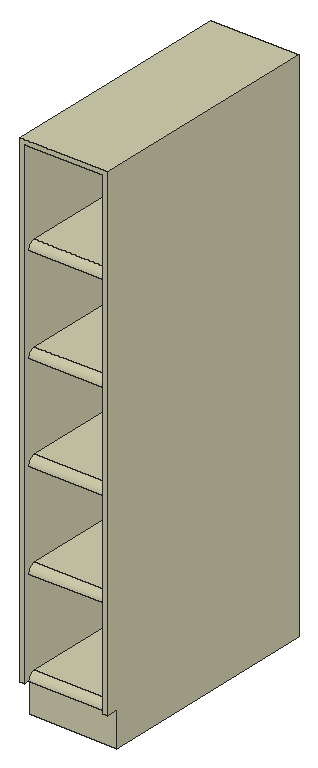
Revit family "Wenger Cabinet 24", category Furniture, Revit 2011
Parameters (values of type "Standard Cabinet #24")
  URL = "http://www.wengercorp.com/Home/Contact.html"
  Toekick Material [instance] = none
  RH End Panel [instance] = no
  Model = "24"
  Manufacturer = "Wenger Corporation"
  LH End Panel [instance] = no
  End Panel Material [instance] = none
  Edge Banding Material [instance] = none
  Door Material [instance] = none
  Description = "Standard Cabinet #24"
  Cabinet Width = 1' - 2 3/8"
  Cabinet Label = Labels : Standard
  Cabinet Height = 7' - 1 5/8"
  Cabinet Depth = 3' - 3 1/4"
  Cabinet Back Thickness = 0' - 0 3/4"
  Assembly Code = ""
Types (4): name | Model | Description | Cabinet Width | Cabinet Label | Cabinet Depth | Cabinet Back Thickness
  Standard Cabinet #24 | "24" | "Standard Cabinet #24" | 1' - 2 3/8" | Labels : Standard | 3' - 3 1/4" | 0' - 0 3/4"
  Acoustic Cabinet #24 | "24A" | "Acoustic Cabinet #24" | 1' - 2 3/8" | Labels : Acoustic | 3' - 5 3/4" | 0' - 3 1/4"
  Narrow Acoustic Cabinet #24 | "24NA" | "Narrow Acoustic Cabinet #24" | 0' - 11 3/8" | Labels : Narrow Acoustic | 3' - 5 3/4" | 0' - 3 1/4"
  Narrow Cabinet #24 | "24N" | "Narrow Cabinet #24" | 0' - 11 3/8" | Labels : Narrow | 3' - 3 1/4" | 0' - 0 3/4"
Reference planes (in)
  plane 1 "Front": y = 0
  plane 2: z = 0
  plane 3 "Left": x = 0
  plane 4 "Right": x = 14.375
  plane 5 "Back": y = 39.25
  plane 6 "Top": z = 85.625
  plane 7: z = 5.625
  plane 8: z = 21.475
  plane 9: z = 37.325
  plane 10: z = 53.175
  plane 11: z = 69.025
  plane 12: x = 0.75
  plane 13: x = 13.625
  plane 14: z = 84.875
  plane 15: x = 4.54167
  plane 16: x = 5.29167
  plane 17: x = 9.08333
  plane 18: x = 9.83333
  plane 19: y = 38.5
  plane 20: y = 2
  plane 21: y = 0.75
  plane 22: z = 22.6
  plane 23: z = 38.45
  plane 24: z = 54.3
  plane 25: z = 70.15
  plane 26: z = 6.75
Forms (in)
  Extrusion 1, solid, material "Wenger - Oyster"
    sketch origin (0, 0, 0) x (0, 1, 0) y (0, 0, 1)
      loop
        line (0, 85.625) -> (0, 5.625) -> (2, 5.625) -> (2, 0) -> (39.25, 0) -> (39.25, 85.625) -> (0, 85.625)
    from 0 to 14.375
  Extrusion 2, void
    sketch origin (0, 0, 0) x (0, 1, 0) y (0, 0, 1)
      loop
        line (-5.5, 84.875) -> (-5.5, 5.625) -> (0.75, 5.625)
        arc (0.75, 5.625) -> (1.18296, 6.40088) -> (2, 6.75) r 1.375
        line (2, 6.75) -> (38.5, 6.75) -> (38.5, 21.475) -> (0.75, 21.475)
        arc (0.75, 21.475) -> (1.18296, 22.25088) -> (2, 22.6) r 1.375
        line (2, 22.6) -> (38.5, 22.6) -> (38.5, 37.325) -> (0.75, 37.325)
        arc (0.75, 37.325) -> (1.18296, 38.10088) -> (2, 38.45) r 1.375
        line (2, 38.45) -> (38.5, 38.45) -> (38.5, 53.175) -> (0.75, 53.175)
        arc (0.75, 53.175) -> (1.18296, 53.95088) -> (2, 54.3) r 1.375
        line (2, 54.3) -> (38.5, 54.3) -> (38.5, 69.025) -> (0.75, 69.025)
        arc (0.75, 69.025) -> (1.18296, 69.80088) -> (2, 70.15) r 1.375
        line (2, 70.15) -> (38.5, 70.15) -> (38.5, 84.875) -> (-5.5, 84.875)
    from 0.75 to 13.625
Cuts and joins
  Extrusion 2 cuts Extrusion 1
Lines and regions (in)
  symbolic lines
    curve 1: line (0, 39.25, 0) -> (14.375, 39.25, 0)
    curve 2: line (0, 0, 0) -> (0, 39.25, 0)
    curve 3: line (14.375, 0, 0) -> (0, 0, 0)
    curve 4: line (14.375, 39.25, 0) -> (14.375, 0, 0)
Text (in)
  text "01" at (13.28235, 0, 97.09414), in view "Front"
Dimensions and locks (in)
  locked: plane 3 "Left" to plane 12 at 0.75
  locked: plane 15 to plane 16 at 0.75
  locked: plane 17 to plane 18 at 0.75
  locked: plane 13 to plane 4 "Right" at 0.75
  "Cabinet Back Thickness": plane 5 "Back" to plane 19
  locked: plane 1 "Front" to plane 21 at 0.75
  locked: plane 1 "Front" to plane 20 at 2
  locked: plane 22 to plane 8 at 1.125
  locked: plane 23 to plane 9 at 1.125
  locked: plane 24 to plane 10 at 1.125
  locked: plane 25 to plane 11 at 1.125
  locked: plane 6 "Top" to plane 14 at 0.75
  equal spacing: plane 14, plane 11, plane 10, plane 9, plane 8, plane 7
  locked: plane 26 to plane 7 at 1.125
  equal spacing: plane 13, plane 17, plane 15, plane 3 "Left"
  "Cabinet Width": plane 3 "Left" to plane 4 "Right"
  locked: plane 7 to level at 5.625
  "Cabinet Height": plane 6 "Top" to level
  "Cabinet Depth": plane 1 "Front" to plane 5 "Back"
  plane 12 to plane 13 = 1' - 0 7/8"
  plane 14 to plane 7 = 6' - 7 1/4"
  aligned and locked: Extrusion 1 sketch curve to plane 6 "Top"
  aligned and locked: Extrusion 1 sketch curve to plane 5 "Back"
  aligned and locked: Extrusion 1 sketch curve to plane 1 "Front"
  aligned and locked: Extrusion 1 sketch curve to plane 7
  aligned and locked: Extrusion 1 sketch curve to plane 20
  aligned and locked: Extrusion 1 sketch curve to level
  aligned and locked: Extrusion 1 to plane 4 "Right"
  aligned and locked: Extrusion 1 to plane 3 "Left"
  aligned and locked: Extrusion 2 sketch curve to plane 14
  aligned and locked: Extrusion 2 sketch curve to plane 19
  aligned and locked: Extrusion 2 sketch curve to plane 11
  aligned and locked: Extrusion 2 sketch curve to plane 24
  aligned and locked: Extrusion 2 sketch curve to plane 10
  aligned and locked: Extrusion 2 sketch curve to plane 23
  aligned and locked: Extrusion 2 sketch curve to plane 9
  aligned and locked: Extrusion 2 sketch curve to plane 22
  aligned and locked: Extrusion 2 sketch curve to plane 8
  aligned and locked: Extrusion 2 sketch curve to plane 26
  aligned and locked: Extrusion 2 sketch curve to plane 25
  aligned and locked: Extrusion 2 to plane 12
  aligned: plane 15 to Extrusion 2
  aligned and locked: plane 3 "Left" to curve 2
  aligned and locked: curve 1 to plane 5 "Back"
  aligned and locked: plane 4 "Right" to curve 4
  aligned and locked: curve 3 to plane 1 "Front"
  aligned and locked: Extrusion 2 to plane 13
Automatic sketch dimensions
  Extrusion 2 sketch curve to plane 7 = 0' - 0"
  Extrusion 2 sketch curve to plane 21 = 0' - 0"  (x5)
  Extrusion 2 sketch curve to plane 20 = 0' - 0"  (x5)
  Extrusion 2 sketch curve to plane 19 = 0' - 0"  (x4)
  plane 1 "Front" to Extrusion 2 sketch curve = 0' - 5 1/2"
  Extrusion 2 sketch curve to plane 20 = 0' - 0.10279"  (x5)
Nested families (in)
  nested 1: "LH End Panel" at (0, 24.25, 0) x (0, -1, 0) z (0, 0, 1), End Panel Material <- "End Panel Material", visible <- "LH End Panel", Edge Banding Material <- "Edge Banding Material", type "20x84 LH"
    with End Panel Material none, Edge Banding Material none, End Panel Depth 3' - 3 1/4"
  nested 2: "RH End Panel" at (15.125, 24.25, 0) x (0, -1, 0) z (0, 0, 1), End Panel Material <- "End Panel Material", visible <- "RH End Panel", Edge Banding Material <- "Edge Banding Material", type "20x84 RH"
    with End Panel Material none, Edge Banding Material none, End Panel Depth 3' - 3 1/4"
  nested 3: "Labels" at (5.20935, 20.11822, 0) x (0, 1, 0) z (0, 0, 1), type <- "Cabinet Label", type "Standard"
  nested 4: "Front Note" at (5.6875, 0.75, 0), type "Front Note", detail levels medium+fine
Definition of nested family "LH End Panel"
  Parameters (values of type "20x84 LH")
    End Panel Material [instance] = none
    End Panel Height = 7' - 1 5/8"
    End Panel Depth = 1' - 7 1/4"
    Edge Banding Material [instance] = none
    Default Elevation = 4' - 0"
    Assembly Code = ""
  Reference planes (in)
    plane 1 "Center (Front/Back)": y = 0
    plane 2: z = 0
    plane 3 "Center (Left/Right)": x = 0
    plane 4: x = -15
    plane 5: x = 4.25
    plane 6: z = 5.625
    plane 7: x = 2.25
    plane 8: z = 85.625
    plane 9: y = -0.75
  Forms (in)
    Extrusion 1, solid, material <- "End Panel Material"
      sketch origin (0, 0, 0) x (1, 0, 0) y (0, 0, 1)
        loop
          line (-15, 85.625) -> (-15, 0) -> (2.25, 0) -> (2.25, 5.625) -> (4.25, 5.625) -> (4.25, 85.625) -> (-15, 85.625)
      from 0 to 0.75
  Dimensions and locks (in)
    locked: plane 7 to plane 5 at 2
    locked: plane 6 to level at 5.625
    "End Panel Height": plane 8 to level
    "End Panel Depth": plane 5 to plane 4
    locked: plane 9 to plane 1 "Center (Front/Back)" at 0.75
    aligned and locked: plane 4 to Extrusion 1 sketch curve
    aligned and locked: level to Extrusion 1 sketch curve
    aligned and locked: plane 7 to Extrusion 1 sketch curve
    aligned and locked: plane 6 to Extrusion 1 sketch curve
    aligned and locked: Extrusion 1 sketch curve to plane 5
    aligned and locked: Extrusion 1 sketch curve to plane 8
    aligned and locked: Extrusion 1 to plane 9
    aligned and locked: Extrusion 1 to plane 1 "Center (Front/Back)"
Definition of nested family "RH End Panel"
  Parameters (values of type "20x84 RH")
    End Panel Material [instance] = none
    End Panel Height = 7' - 1 5/8"
    End Panel Depth = 1' - 7 1/4"
    Edge Banding Material [instance] = none
    Default Elevation = 4' - 0"
    Assembly Code = ""
  Reference planes (in)
    plane 1 "Center (Front/Back)": y = 0
    plane 2: z = 0
    plane 3 "Center (Left/Right)": x = 0
    plane 4: x = -15
    plane 5: x = 4.25
    plane 6: z = 5.625
    plane 7: x = 2.25
    plane 8: z = 85.625
    plane 9: y = -0.75
  Forms (in)
    Extrusion 1, solid, material <- "End Panel Material"
      sketch origin (0, 0, 0) x (1, 0, 0) y (0, 0, 1)
        loop
          line (-15, 85.625) -> (-15, 0) -> (2.25, 0) -> (2.25, 5.625) -> (4.25, 5.625) -> (4.25, 85.625) -> (-15, 85.625)
      from 0 to 0.75
  Dimensions and locks (in)
    locked: plane 7 to plane 5 at 2
    locked: plane 6 to level at 5.625
    "End Panel Height": plane 8 to level
    "End Panel Depth": plane 5 to plane 4
    locked: plane 9 to plane 1 "Center (Front/Back)" at 0.75
    aligned and locked: plane 4 to Extrusion 1 sketch curve
    aligned and locked: level to Extrusion 1 sketch curve
    aligned and locked: plane 7 to Extrusion 1 sketch curve
    aligned and locked: plane 6 to Extrusion 1 sketch curve
    aligned and locked: Extrusion 1 sketch curve to plane 5
    aligned and locked: Extrusion 1 sketch curve to plane 8
    aligned and locked: Extrusion 1 to plane 9
    aligned and locked: Extrusion 1 to plane 1 "Center (Front/Back)"
Definition of nested family "Labels"
  Parameters (values of type "Standard")
    Cabinet Label = "01"
  Types (4): name | Cabinet Label
    Standard | "01"
    Narrow | "01N"
    Narrow Acoustic | "01NA"
    Acoustic | "01A"
  Reference planes (in)
    plane 1: y = 0
    plane 2: x = 0
  Text (in)
    label "xxxx" at (-0.00018, 0.00754, 0), shows "Cabinet Label"
Definition of nested family "Front Note"
  Parameters (values of type "Front Note")
    Cabinet Label = "Front"
  Reference planes (in)
    plane 1: y = 0
    plane 2: x = 0
  Text (in)
    label "Front" at (-0.00018, 0.00754, 0), shows "Cabinet Label"
